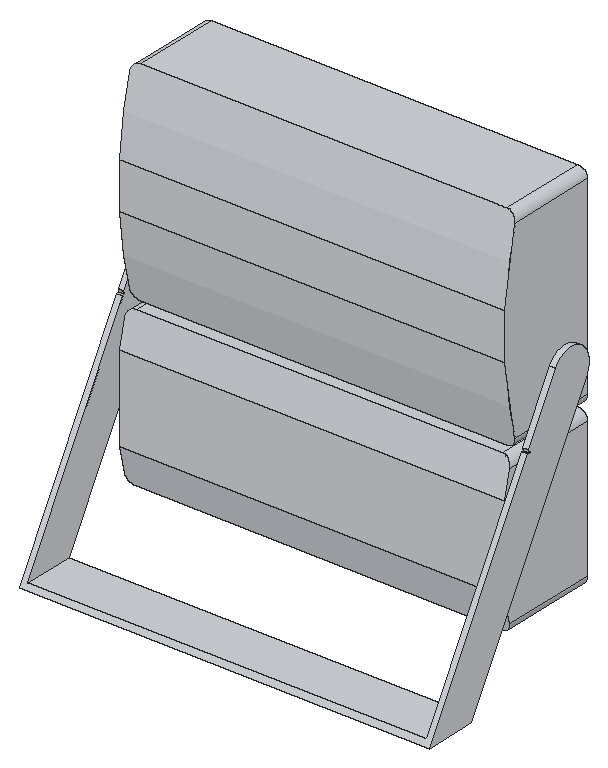
Revit family "Lighting-Proiezione-GEWISS-SMART[PRO]2.0-PROIETTORI-LED-MEDIA-POTENZA_2MODULI_DALI_CLI", category Apparecchi per illuminazione, host Superficie, Revit 2019 (continued)
Types (46, lengths in mm): name | Viti esterne | Versioni | Vano di alimentazione | Tolleranza cromatica | Tipologia sorgente luminosa | Tipologia | Tipo versione | Tipo di installazione e montaggio | Tipo di apparecchio | Tensione di alimentazione | Tensione | Temperatura di utilizzo | Temperatura di stoccaggio | Temperatura di esercizio | Temperatura di colore: | Temperatura di colore | Superficie massima esposta al vento : | Superficie massima esposta al vento | SostituibilitÃ  piastra di cablaggio | SostituibilitÃ  gruppo ottico | Sistema di controllo | Schermo | Scheda Tecnica | SEO | Resistenza alle sovratensioni : | Resistenza al filo incandescente | Regolazione inclinazione | Peso (kg): | Peso (kg) | Ottica | N° LED | Numero moduli | Norma di riferimento | N. moduli Chorus | Modello | Materiali | Lumen output (lm) | Life Time L90B10 (Tq 50Â°C) : | Life Time L90B10 (Tq 25Â°C) : | Life Time L80B10 (Tq 25Â°C) | Lampada: | Installazione e manutenzione | Informazioni generali | Indice di resa cromatica | Inclinazione | Immagine tipo | IPEA | IDT | Guarnizioni | Gruppo ottico | Gancio di chiusura | GW - Codice Electrocod | Frequenza nominale (Hz) | Flusso nominale | Fissaggio | Finitura colore | Efficienza luminosa (lm/W) | Durata di vita | Distanza minima dall'oggetto illuminato | Dispositivo di protezione | Descrizione | Corrente di pilotaggio LED | Corpo | Controllo abbagliamento e luminanza | Contesto | Colore | Codice digitale univoco (Datamatrix) | Classificazione: | Classe fotobiologica | Certificazioni e classificazioni | Certificazione DIN 18032-3 | Catalogo Serie | Caratteristiche ottiche e illuminotecniche | Caratteristiche elettriche e gestione della luce | Cablaggio | Apparecchio a ridotta temperatura superficiale | Alimentatore
  GWP2273LD - SMART PRO 2M CRI70 3000K TYPE C2 DALI | "" | "" | "" | "" | "" | "" | "Luce calda 3000K" | "" | "" | "" | "" | "" | "" | "" | "" | "3000 K (CRI 70)" | "" | "0,43" | "" | "" | "" | "" | "https://www.gewiss.com/it/it/search?q=GWP2273LD" | "" | "" | "" | "-180° ÷ + 180° staffa" | "" | "13" | "Circolare C2" | "160" | "" | "" | "2 (2x80 LED)" | "GWP2273LD" | "" | "35261" | "" | "" | "" | "" | "" | "" | "" | "" | GWP2273LD.jpg | "" | "a7043113-6630-4267-bbdd-aeb4b362176b" | "" | "" | "" | "" | "" | "44800" | "" | "" | "" | "" | "" | "" | "SMART PRO 2M 3000K CRI70 TYPE C2 DALI" | "" | "" | "" | "" | "" | "" | "" | "" | "" | "" | "SMART[PRO]2.0" | "" | "" | "" | "" | ""
  GWP2273MD - SMART PRO 2M CRI70 3000K TYPE C1 DALI | "" | "" | "" | "" | "" | "" | "Luce calda 3000K" | "" | "" | "" | "" | "" | "" | "" | "" | "3000 K (CRI 70)" | "" | "0,43" | "" | "" | "" | "" | "https://www.gewiss.com/it/it/search?q=GWP2273MD" | "" | "" | "" | "-180° ÷ + 180° staffa" | "" | "13" | "Circolare C1" | "160" | "" | "" | "2 (2x80 LED)" | "GWP2273MD" | "" | "35261" | "" | "" | "" | "" | "" | "" | "" | "" | GWP2273MD.jpg | "" | "2666d7c5-0d9d-4bb2-a504-1173eb1e3d31" | "" | "" | "" | "" | "" | "44800" | "" | "" | "" | "" | "" | "" | "SMART PRO 2M 3000K CRI70 TYPE C1 DALI" | "" | "" | "" | "" | "" | "" | "" | "" | "" | "" | "SMART[PRO]2.0" | "" | "" | "" | "" | ""
  GWP2274AD - SMART PRO 2M CRI70 4000K TYPE S1 DALI | "" | "" | "" | "" | "" | "" | "Luce naturale 4000K" | "" | "" | "" | "" | "" | "" | "" | "" | "4000 K (CRI 70)" | "" | "0,43" | "" | "" | "" | "" | "https://www.gewiss.com/it/it/search?q=GWP2274AD" | "" | "" | "" | "-180° ÷ + 180° staffa" | "" | "13" | "Simmetrica S1" | "160" | "" | "" | "2 (2x80 LED)" | "GWP2274AD" | "" | "37420" | "" | "" | "" | "" | "" | "" | "" | "" | GWP2274AD.jpg | "" | "ff540907-a2dd-4753-af51-28166bcacd5d" | "" | "" | "" | "" | "" | "48000" | "" | "" | "" | "" | "" | "" | "SMART PRO 2M 4000K CRI70 TYPE S1 DALI" | "" | "" | "" | "" | "" | "" | "" | "" | "" | "" | "SMART[PRO]2.0" | "" | "" | "" | "" | ""
  GWP2274BD - SMART PRO 2M CRI70 4000K TYPE S2 DALI | "" | "" | "" | "" | "" | "" | "Luce naturale 4000K" | "" | "" | "" | "" | "" | "" | "" | "" | "4000 K (CRI 70)" | "" | "0,43" | "" | "" | "" | "" | "https://www.gewiss.com/it/it/search?q=GWP2274BD" | "" | "" | "" | "-180° ÷ + 180° staffa" | "" | "13" | "Simmetrica S2" | "160" | "" | "" | "2 (2x80 LED)" | "GWP2274BD" | "" | "39790" | "" | "" | "" | "" | "" | "" | "" | "" | GWP2274BD.jpg | "" | "b9f8befa-2633-41f3-ad41-4462299d6a5b" | "" | "" | "" | "" | "" | "48000" | "" | "" | "" | "" | "" | "" | "SMART PRO 2M 4000K CRI70 TYPE S2 DALI" | "" | "" | "" | "" | "" | "" | "" | "" | "" | "" | "SMART[PRO]2.0" | "" | "" | "" | "" | ""
  GWP2274CD - SMART PRO 2M CRI70 4000K TYPE A1 DALI | "" | "" | "" | "" | "" | "" | "Luce naturale 4000K" | "" | "" | "" | "" | "" | "" | "" | "" | "4000 K (CRI 70)" | "" | "0,43" | "" | "" | "" | "" | "https://www.gewiss.com/it/it/search?q=GWP2274CD" | "" | "" | "" | "-180° ÷ + 180° staffa" | "" | "13" | "Asimmetrica A1" | "160" | "" | "" | "2 (2x80 LED)" | "GWP2274CD" | "" | "36580" | "" | "" | "" | "" | "" | "" | "" | "" | GWP2273CD.jpg | "" | "c5749d56-95e3-49a9-b4ce-4110e7aa8a9e" | "" | "" | "" | "" | "" | "48000" | "" | "" | "" | "" | "" | "" | "SMART PRO 2M 4000K CRI70 TYPE A1 DALI" | "" | "" | "" | "" | "" | "" | "" | "" | "" | "" | "SMART[PRO]2.0" | "" | "" | "" | "" | ""
  GWP2274FD - SMART PRO 2M CRI70 4000K TYPE A2 DALI | "" | "" | "" | "" | "" | "" | "Luce naturale 4000K" | "" | "" | "" | "" | "" | "" | "" | "" | "4000 K (CRI 70)" | "" | "0,43" | "" | "" | "" | "" | "https://www.gewiss.com/it/it/search?q=GWP2274FD" | "" | "" | "" | "-180° ÷ + 180° staffa" | "" | "13" | "Asimmetrica A2" | "160" | "" | "" | "2 (2x80 LED)" | "GWP2274FD" | "" | "31260" | "" | "" | "" | "" | "" | "" | "" | "" | GWP2273FD.jpg | "" | "7c6c7aec-c074-4fa1-ae36-988da0e6e27f" | "" | "" | "" | "" | "" | "48000" | "" | "" | "" | "" | "" | "" | "SMART PRO 2M 4000K CRI70 TYPE A2 DALI" | "" | "" | "" | "" | "" | "" | "" | "" | "" | "" | "SMART[PRO]2.0" | "" | "" | "" | "" | ""
  GWP2274GD - SMART PRO 2M CRI70 4000K TYPE C4 DALI | "" | "" | "" | "" | "" | "" | "Luce naturale 4000K" | "" | "" | "" | "" | "" | "" | "" | "" | "4000 K (CRI 70)" | "" | "0,43" | "" | "" | "" | "" | "https://www.gewiss.com/it/it/search?q=GWP2274GD" | "" | "" | "" | "-180° ÷ + 180° staffa" | "" | "13" | "Circolare C4" | "160" | "" | "" | "2 (2x80 LED)" | "GWP2274GD" | "" | "37780" | "" | "" | "" | "" | "" | "" | "" | "" | GWP2273GD.jpg | "" | "69317726-159b-4d06-a586-7281c5675b25" | "" | "" | "" | "" | "" | "48000" | "" | "" | "" | "" | "" | "" | "SMART PRO 2M 4000K CRI70 TYPE C4 DALI" | "" | "" | "" | "" | "" | "" | "" | "" | "" | "" | "SMART[PRO]2.0" | "" | "" | "" | "" | ""
  GWP2274HD - SMART PRO 2M CRI70 4000K TYPE C3 DALI | "" | "" | "" | "" | "" | "" | "Luce naturale 4000K" | "" | "" | "" | "" | "" | "" | "" | "" | "4000 K (CRI 70)" | "" | "0,43" | "" | "" | "" | "" | "https://www.gewiss.com/it/it/search?q=GWP2274HD" | "" | "" | "" | "-180° ÷ + 180° staffa" | "" | "13" | "Circolare C3" | "160" | "" | "" | "2 (2x80 LED)" | "GWP2274HD" | "" | "37780" | "" | "" | "" | "" | "" | "" | "" | "" | GWP2273HD.jpg | "" | "6dd558e9-72b1-486c-8f94-259d6481d4a0" | "" | "" | "" | "" | "" | "48000" | "" | "" | "" | "" | "" | "" | "SMART PRO 2M 4000K CRI70 TYPE C3 DALI" | "" | "" | "" | "" | "" | "" | "" | "" | "" | "" | "SMART[PRO]2.0" | "" | "" | "" | "" | ""
  GWP2274LD - SMART PRO 2M CRI70 4000K TYPE C2 DALI | "" | "" | "" | "" | "" | "" | "Luce naturale 4000K" | "" | "" | "" | "" | "" | "" | "" | "" | "4000 K (CRI 70)" | "" | "0,43" | "" | "" | "" | "" | "https://www.gewiss.com/it/it/search?q=GWP2274LD" | "" | "" | "" | "-180° ÷ + 180° staffa" | "" | "13" | "Circolare C2" | "160" | "" | "" | "2 (2x80 LED)" | "GWP2274LD" | "" | "37780" | "" | "" | "" | "" | "" | "" | "" | "" | GWP2273LD.jpg | "" | "9547177a-4666-45c9-b948-dce2b7eda314" | "" | "" | "" | "" | "" | "48000" | "" | "" | "" | "" | "" | "" | "SMART PRO 2M 4000K CRI70 TYPE C2 DALI" | "" | "" | "" | "" | "" | "" | "" | "" | "" | "" | "SMART[PRO]2.0" | "" | "" | "" | "" | ""
  GWP2274MD - SMART PRO 2M CRI70 4000K TYPE C1 DALI | "" | "" | "" | "" | "" | "" | "Luce naturale 4000K" | "" | "" | "" | "" | "" | "" | "" | "" | "4000 K (CRI 70)" | "" | "0,43" | "" | "" | "" | "" | "https://www.gewiss.com/it/it/search?q=GWP2274MD" | "" | "" | "" | "-180° ÷ + 180° staffa" | "" | "13" | "Circolare C1" | "160" | "" | "" | "2 (2x80 LED)" | "GWP2274MD" | "" | "37780" | "" | "" | "" | "" | "" | "" | "" | "" | GWP2273MD.jpg | "" | "64c531ba-3f04-41fd-bf93-a4c7d3b6fc11" | "" | "" | "" | "" | "" | "48000" | "" | "" | "" | "" | "" | "" | "SMART PRO 2M 4000K CRI70 TYPE C1 DALI" | "" | "" | "" | "" | "" | "" | "" | "" | "" | "" | "SMART[PRO]2.0" | "" | "" | "" | "" | ""
  GWP2275AD - SMART PRO 2M CRI70 5700K TYPE S1 DALI | "" | "" | "" | "" | "" | "" | "Luce fredda 5700K" | "" | "" | "" | "" | "" | "" | "" | "" | "5700 K (CRI 70)" | "" | "0,43" | "" | "" | "" | "" | "https://www.gewiss.com/it/it/search?q=GWP2275AD" | "" | "" | "" | "-180° ÷ + 180° staffa" | "" | "13" | "Simmetrica S1" | "160" | "" | "" | "2 (2x80 LED)" | "GWP2275AD" | "" | "37420" | "" | "" | "" | "" | "" | "" | "" | "" | GWP2274AD.jpg | "" | "e61f65a6-0f4d-41b1-bf05-cb86c9ef33b7" | "" | "" | "" | "" | "" | "48000" | "" | "" | "" | "" | "" | "" | "SMART PRO 2M 5700K CRI70 TYPE S1 DALI" | "" | "" | "" | "" | "" | "" | "" | "" | "" | "" | "SMART[PRO]2.0" | "" | "" | "" | "" | ""
  GWP2275BD - SMART PRO 2M CRI70 5700K TYPE S2 DALI | "" | "" | "" | "" | "" | "" | "Luce fredda 5700K" | "" | "" | "" | "" | "" | "" | "" | "" | "5700 K (CRI 70)" | "" | "0,43" | "" | "" | "" | "" | "https://www.gewiss.com/it/it/search?q=GWP2275BD" | "" | "" | "" | "-180° ÷ + 180° staffa" | "" | "13" | "Simmetrica S2" | "160" | "" | "" | "2 (2x80 LED)" | "GWP2275BD" | "" | "39790" | "" | "" | "" | "" | "" | "" | "" | "" | GWP2275BD.jpg | "" | "8ddde59a-2170-4af8-acbb-43d79e1764f2" | "" | "" | "" | "" | "" | "48000" | "" | "" | "" | "" | "" | "" | "SMART PRO 2M 5700K CRI70 TYPE S2 DALI" | "" | "" | "" | "" | "" | "" | "" | "" | "" | "" | "SMART[PRO]2.0" | "" | "" | "" | "" | ""
  GWP2275CD - SMART PRO 2M CRI70 5700K TYPE A1 DALI | "" | "" | "" | "" | "" | "" | "Luce fredda 5700K" | "" | "" | "" | "" | "" | "" | "" | "" | "5700 K (CRI 70)" | "" | "0,43" | "" | "" | "" | "" | "https://www.gewiss.com/it/it/search?q=GWP2275CD" | "" | "" | "" | "-180° ÷ + 180° staffa" | "" | "13" | "Asimmetrica A1" | "160" | "" | "" | "2 (2x80 LED)" | "GWP2275CD" | "" | "36580" | "" | "" | "" | "" | "" | "" | "" | "" | GWP2275CD.jpg | "" | "6517d96b-2a0c-4899-a500-7459fa120c96" | "" | "" | "" | "" | "" | "48000" | "" | "" | "" | "" | "" | "" | "SMART PRO 2M 5700K CRI70 TYPE A1 DALI" | "" | "" | "" | "" | "" | "" | "" | "" | "" | "" | "SMART[PRO]2.0" | "" | "" | "" | "" | ""
  GWP2275FD - SMART PRO 2M CRI70 5700K TYPE A2 DALI | "" | "" | "" | "" | "" | "" | "Luce fredda 5700K" | "" | "" | "" | "" | "" | "" | "" | "" | "5700 K (CRI 70)" | "" | "0,43" | "" | "" | "" | "" | "https://www.gewiss.com/it/it/search?q=GWP2275FD" | "" | "" | "" | "-180° ÷ + 180° staffa" | "" | "13" | "Asimmetrica A2" | "160" | "" | "" | "2 (2x80 LED)" | "GWP2275FD" | "" | "31260" | "" | "" | "" | "" | "" | "" | "" | "" | GWP2275FD.jpg | "" | "8ea97ab9-ca8a-4bf4-b5b0-49cf49f4136a" | "" | "" | "" | "" | "" | "48000" | "" | "" | "" | "" | "" | "" | "SMART PRO 2M 5700K CRI70 TYPE A2 DALI" | "" | "" | "" | "" | "" | "" | "" | "" | "" | "" | "SMART[PRO]2.0" | "" | "" | "" | "" | ""
  GWP2275GD - SMART PRO 2M CRI70 5700K TYPE C4 DALI | "" | "" | "" | "" | "" | "" | "Luce fredda 5700K" | "" | "" | "" | "" | "" | "" | "" | "" | "5700 K (CRI 70)" | "" | "0,43" | "" | "" | "" | "" | "https://www.gewiss.com/it/it/search?q=GWP2275GD" | "" | "" | "" | "-180° ÷ + 180° staffa" | "" | "13" | "Circolare C4" | "160" | "" | "" | "2 (2x80 LED)" | "GWP2275GD" | "" | "37780" | "" | "" | "" | "" | "" | "" | "" | "" | GWP2275GD.jpg | "" | "07492fd1-8aad-427e-b69d-2342760349e7" | "" | "" | "" | "" | "" | "48000" | "" | "" | "" | "" | "" | "" | "SMART PRO 2M 5700K CRI70 TYPE C4 DALI" | "" | "" | "" | "" | "" | "" | "" | "" | "" | "" | "SMART[PRO]2.0" | "" | "" | "" | "" | ""
  GWP2275HD - SMART PRO 2M CRI70 5700K TYPE C3 DALI | "" | "" | "" | "" | "" | "" | "Luce fredda 5700K" | "" | "" | "" | "" | "" | "" | "" | "" | "5700 K (CRI 70)" | "" | "0,43" | "" | "" | "" | "" | "https://www.gewiss.com/it/it/search?q=GWP2275HD" | "" | "" | "" | "-180° ÷ + 180° staffa" | "" | "13" | "Circolare C3" | "160" | "" | "" | "2 (2x80 LED)" | "GWP2275HD" | "" | "37780" | "" | "" | "" | "" | "" | "" | "" | "" | GWP2275HD.jpg | "" | "4bcba999-6b6a-494d-8205-1951717b6fc6" | "" | "" | "" | "" | "" | "48000" | "" | "" | "" | "" | "" | "" | "SMART PRO 2M 5700K CRI70 TYPE C3 DALI" | "" | "" | "" | "" | "" | "" | "" | "" | "" | "" | "SMART[PRO]2.0" | "" | "" | "" | "" | ""
  GWP2275LD - SMART PRO 2M CRI70 5700K TYPE C2 DALI | "" | "" | "" | "" | "" | "" | "Luce fredda 5700K" | "" | "" | "" | "" | "" | "" | "" | "" | "5700 K (CRI 70)" | "" | "0,43" | "" | "" | "" | "" | "https://www.gewiss.com/it/it/search?q=GWP2275LD" | "" | "" | "" | "-180° ÷ + 180° staffa" | "" | "13" | "Circolare C2" | "160" | "" | "" | "2 (2x80 LED)" | "GWP2275LD" | "" | "37780" | "" | "" | "" | "" | "" | "" | "" | "" | GWP2275LD.jpg | "" | "71f21621-1d58-484f-8bbc-0107acbefb8d" | "" | "" | "" | "" | "" | "48000" | "" | "" | "" | "" | "" | "" | "SMART PRO 2M 5700K CRI70 TYPE C2 DALI" | "" | "" | "" | "" | "" | "" | "" | "" | "" | "" | "SMART[PRO]2.0" | "" | "" | "" | "" | ""
  GWP2275MD - SMART PRO 2M CRI70 5700K TYPE C1 DALI | "" | "" | "" | "" | "" | "" | "Luce fredda 5700K" | "" | "" | "" | "" | "" | "" | "" | "" | "5700 K (CRI 70)" | "" | "0,43" | "" | "" | "" | "" | "https://www.gewiss.com/it/it/search?q=GWP2275MD" | "" | "" | "" | "-180° ÷ + 180° staffa" | "" | "13" | "Circolare C1" | "160" | "" | "" | "2 (2x80 LED)" | "GWP2275MD" | "" | "37780" | "" | "" | "" | "" | "" | "" | "" | "" | GWP2275MD.jpg | "" | "6a8ce23c-7f96-42c1-9277-acd10037eb9c" | "" | "" | "" | "" | "" | "48000" | "" | "" | "" | "" | "" | "" | "SMART PRO 2M 5700K CRI70 TYPE C1 DALI" | "" | "" | "" | "" | "" | "" | "" | "" | "" | "" | "SMART[PRO]2.0" | "" | "" | "" | "" | ""
  GWP2273ND - SMARTPRO2.0 2M 3000K CRI70 A3 DALI CL1 | "Acciaio inossidabile" | "Luce calda 3000K" | "Integrato" | "SDCM = 5" | "LED - Non sostituibile" | "DALI" | "" | "Torrefaro - Parete - Terra" | "Apparecchio per proiezione LED di piccola, media e alta potenza" | "220 - 240 V" | "220 / 240 V - 50 / 60 Hz" | "-30 +50 °C" | "-" | "-30 +50 °C" | "3000 K (CRI>70)" | "3000K" | "0,170 m2" | "0,17M2" | "Non disponibile" | "Non disponibile" | "DALI" | "Vetro piano extrachiaro spessore 4mm" | "https://www.gewiss.com/it/it/search?q=GWP2273ND" | "Proiettore" | "10KV in modalità comune; 6KV in modalità differenziale" | "-" | "-180° ÷ + 180° staffa" | "13" | "" | "A3 - Asimmetrica Stretta" | "" | "2" | "EN60598-1; EN60598-2-5; IEC 62778; IEC 62471; EN13201" | "" | "GWP2273ND" | "-" | "37200" | "32000 H" | ">40000 H" | ">90000 H" | "LED" | "-" | "-" | "CRI-70" | "Rotazione su staffa con goniometro integrato" | GWP2273MD.jpg | "STRADALE = A // GRANDI AREE = A3+ // CICLOPEDONALI = A+ // AREE VERDI = A+ // CENTRO STORICO = A5+ // ALTRO = A5+" | "c834611c70ff45a3955c3a0eeb023012" | "silicone antinvecchiamento" | "Parabola in alluminio anodizzato brillantato con alluminio puro 99,99%" | "Viti metriche esagonali" | "2424" | "50 / 60" | "45000" | "Staffa" | "Verniciato a polvere poliestere" | "113" | "L90B10 (Tq+25°C) - 40000h L90B10 (Tq+50°C) = 32000h L80B10 (Tq+25°C) - 90000h" | "1M" | "DM 6 kV / CM 10 kV" | "SMARTPRO2.0 2M 3000K CRI70 A3 DALI CL1" | "0,7 A" | "Alluminio pressofuso" | "G*6 - ULOR = 0" | "Illuminazione di grandi aree, impianti sportivi" | "Grigio grafite" | "Attualmente non presente" | "-" | "-" | "-" | "Si" | "SMART [PRO] 2.0" | "-" | "-" | "Connettore stagno" | "No" | "Incluso"
  GWP2274ND - SMARTPRO2.0 2M 4000K CRI70 A3 DALI CL1 | "Acciaio inossidabile" | "Luce naturale 4000K" | "Integrato" | "SDCM = 5" | "LED - Non sostituibile" | "DALI" | "" | "Torrefaro - Parete - Terra" | "Apparecchio per proiezione LED di piccola, media e alta potenza" | "220 - 240 V" | "220 / 240 V - 50 / 60 Hz" | "-30 +50 °C" | "-" | "-30 +50 °C" | "4000 K (CRI>70)" | "4000K" | "0,170 m2" | "0,17M2" | "Non disponibile" | "Non disponibile" | "DALI" | "Vetro piano extrachiaro spessore 4mm" | "https://www.gewiss.com/it/it/search?q=GWP2274ND" | "Proiettore" | "10KV in modalità comune; 6KV in modalità differenziale" | "-" | "-180° ÷ + 180° staffa" | "13" | "" | "A3 - Asimmetrica Stretta" | "" | "2" | "EN60598-1; EN60598-2-5; IEC 62778; IEC 62471; EN13201" | "" | "GWP2274ND" | "-" | "39800" | "32000 H" | ">40000 H" | ">90000 H" | "LED" | "-" | "-" | "CRI-70" | "Rotazione su staffa con goniometro integrato" | GWP2273MD.jpg | "STRADALE = A+ // GRANDI AREE = A4+ // CICLOPEDONALI = A++ // AREE VERDI = A++ // CENTRO STORICO = A6+ // ALTRO = A6+" | "0fe9b7c62e71410cb07551468977a909" | "silicone antinvecchiamento" | "Parabola in alluminio anodizzato brillantato con alluminio puro 99,99%" | "Viti metriche esagonali" | "2424" | "50 / 60" | "48000" | "Staffa" | "Verniciato a polvere poliestere" | "121" | "L90B10 (Tq+25°C) - 40000h L90B10 (Tq+50°C) = 32000h L80B10 (Tq+25°C) - 90000h" | "1M" | "DM 6 kV / CM 10 kV" | "SMARTPRO2.0 2M 4000K CRI70 A3 DALI CL1" | "0,7 A" | "Alluminio pressofuso" | "G*6 - ULOR = 0" | "Illuminazione di grandi aree, impianti sportivi" | "Grigio grafite" | "Attualmente non presente" | "-" | "-" | "-" | "Si" | "SMART [PRO] 2.0" | "-" | "-" | "Connettore stagno" | "No" | "Incluso"
  GWP2275ND - SMARTPRO2.0 2M 5700K CRI70 A3 DALI CL1 | "Acciaio inossidabile" | "Luce fredda 5700K" | "Integrato" | "SDCM = 5" | "LED - Non sostituibile" | "DALI" | "" | "Torrefaro - Parete - Terra" | "Apparecchio per proiezione LED di piccola, media e alta potenza" | "220 - 240 V" | "220 / 240 V - 50 / 60 Hz" | "-30 +50 °C" | "-" | "-30 +50 °C" | "5700 K (CRI>70)" | "5700K" | "0,170 m2" | "0,17M2" | "Non disponibile" | "Non disponibile" | "DALI" | "Vetro piano extrachiaro spessore 4mm" | "https://www.gewiss.com/it/it/search?q=GWP2275ND" | "Proiettore" | "10KV in modalità comune; 6KV in modalità differenziale" | "-" | "-180° ÷ + 180° staffa" | "13" | "" | "A3 - Asimmetrica Stretta" | "" | "2" | "EN60598-1; EN60598-2-5; IEC 62778; IEC 62471; EN13201" | "" | "GWP2275ND" | "-" | "39800" | "32000 H" | ">40000 H" | ">90000 H" | "LED" | "-" | "-" | "CRI-70" | "Rotazione su staffa con goniometro integrato" | GWP2275MD.jpg | "STRADALE = A+ // GRANDI AREE = A4+ // CICLOPEDONALI = A++ // AREE VERDI = A++ // CENTRO STORICO = A6+ // ALTRO = A6+" | "39466568aec746b984944cba2e7a3d9c" | "silicone antinvecchiamento" | "Parabola in alluminio anodizzato brillantato con alluminio puro 99,99%" | "Viti metriche esagonali" | "2424" | "50 / 60" | "48000" | "Staffa" | "Verniciato a polvere poliestere" | "121" | "L90B10 (Tq+25°C) - 40000h L90B10 (Tq+50°C) = 32000h L80B10 (Tq+25°C) - 90000h" | "1M" | "DM 6 kV / CM 10 kV" | "SMARTPRO2.0 2M 5700K CRI70 A3 DALI CL1" | "0,7 A" | "Alluminio pressofuso" | "G*6 - ULOR = 0" | "Illuminazione di grandi aree, impianti sportivi" | "Grigio grafite" | "Attualmente non presente" | "-" | "-" | "-" | "Si" | "SMART [PRO] 2.0" | "-" | "-" | "Connettore stagno" | "No" | "Incluso"
  GWP2284AD - SMART PRO 2M 4000K CRI80 TYPE S1 DALI | "Acciaio inossidabile" | "Luce naturale 4000K" | "Integrato" | "SDCM = 3" | "LED - Non sostituibile" | "DALI" | "" | "Torrefaro - Parete - Terra" | "Apparecchio per proiezione LED di piccola, media e alta potenza" | "220 - 240 V" | "220 / 240 V - 50 / 60 Hz" | "-30 +50 °C" | "-" | "-30 +50 °C" | "4000 K (CRI>80)" | "4000K" | "0,170 m2" | "0,17M2" | "Non disponibile" | "Non disponibile" | "DALI" | "Vetro piano extrachiaro spessore 4mm" | "https://www.gewiss.com/it/it/search?q=GWP2284AD" | "Proiettore" | "10KV in modalità comune; 6KV in modalità differenziale" | "-" | "-180° ÷ + 180° staffa" | "13" | "" | "S1 - Simmetrica Larga" | "" | "2" | "EN60598-1; EN60598-2-5; IEC 62778; IEC 62471; EN13201" | "" | "GWP2284AD" | "-" | "36600" | "32000 H" | ">40000 H" | ">90000 H" | "LED" | "-" | "-" | "CRI-80" | "Rotazione su staffa con goniometro integrato" | GWP2274AD.jpg | "STRADALE = A // GRANDI AREE = A++ // CICLOPEDONALI = A+ // AREE VERDI = A+ // CENTRO STORICO = A4+ // ALTRO = A4+" | "f8fff1a3868e4d4e8f2e0b85fdf6d708" | "silicone antinvecchiamento" | "Riflettore in PC HT quarzato&nbsp; e metallizzato lucido" | "Viti metriche esagonali" | "2424" | "50 / 60" | "45000" | "Staffa" | "Verniciato a polvere poliestere" | "111" | "L90B10 (Tq+25°C) - 40000h L90B10 (Tq+50°C) = 32000h L80B10 (Tq+25°C) - 90000h" | "1M" | "DM 6 kV / CM 10 kV" | "SMART PRO 2M 4000K CRI80 TYPE S1 DALI" | "0,7 A" | "Alluminio pressofuso" | "G*6 - ULOR = 0" | "Illuminazione di grandi aree, impianti sportivi" | "Grigio grafite" | "Attualmente non presente" | "-" | "-" | "-" | "Si" | "SMART [PRO] 2.0" | "-" | "-" | "Connettore stagno" | "No" | "Incluso"
  GWP2284BD - SMART PRO 2M 4000K CRI80 TYPE S2 DALI | "Acciaio inossidabile" | "Luce naturale 4000K" | "Integrato" | "SDCM = 3" | "LED - Non sostituibile" | "DALI" | "" | "Torrefaro - Parete - Terra" | "Apparecchio per proiezione LED di piccola, media e alta potenza" | "220 - 240 V" | "220 / 240 V - 50 / 60 Hz" | "-30 +50 °C" | "-" | "-30 +50 °C" | "4000 K (CRI>80)" | "4000K" | "0,170 m2" | "0,17M2" | "Non disponibile" | "Non disponibile" | "DALI" | "Vetro piano extrachiaro spessore 4mm" | "https://www.gewiss.com/it/it/search?q=GWP2284BD" | "Proiettore" | "10KV in modalità comune; 6KV in modalità differenziale" | "-" | "-180° ÷ + 180° staffa" | "13" | "" | "S2 - Simmetrica Media" | "" | "2" | "EN60598-1; EN60598-2-5; IEC 62778; IEC 62471; EN13201" | "" | "GWP2284BD" | "-" | "37900" | "32000 H" | ">40000 H" | ">90000 H" | "LED" | "-" | "-" | "CRI-80" | "Rotazione su staffa con goniometro integrato" | GWP2274AD.jpg | "STRADALE = A // GRANDI AREE = A3+ // CICLOPEDONALI = A+ // AREE VERDI = A+ // CENTRO STORICO = A5+ // ALTRO = A5+" | "c97daa9462cb45f7b6356687cfd33c94" | "silicone antinvecchiamento" | "Parabola in alluminio anodizzato brillantato con alluminio puro 99,99%" | "Viti metriche esagonali" | "2424" | "50 / 60" | "45000" | "Staffa" | "Verniciato a polvere poliestere" | "115" | "L90B10 (Tq+25°C) - 40000h L90B10 (Tq+50°C) = 32000h L80B10 (Tq+25°C) - 90000h" | "1M" | "DM 6 kV / CM 10 kV" | "SMART PRO 2M 4000K CRI80 TYPE S2 DALI" | "0,7 A" | "Alluminio pressofuso" | "G*6 - ULOR = 0" | "Illuminazione di grandi aree, impianti sportivi" | "Grigio grafite" | "Attualmente non presente" | "-" | "-" | "-" | "Si" | "SMART [PRO] 2.0" | "-" | "-" | "Connettore stagno" | "No" | "Incluso"
  GWP2284CD - SMART PRO 2M 4000K CRI80 TYPE A1 DALI | "Acciaio inossidabile" | "Luce naturale 4000K" | "Integrato" | "SDCM = 3" | "LED - Non sostituibile" | "DALI" | "" | "Torrefaro - Parete - Terra" | "Apparecchio per proiezione LED di piccola, media e alta potenza" | "220 - 240 V" | "220 / 240 V - 50 / 60 Hz" | "-30 +50 °C" | "-" | "-30 +50 °C" | "4000 K (CRI>80)" | "4000K" | "0,170 m2" | "0,17M2" | "Non disponibile" | "Non disponibile" | "DALI" | "Vetro piano extrachiaro spessore 4mm" | "https://www.gewiss.com/it/it/search?q=GWP2284CD" | "Proiettore" | "10KV in modalità comune; 6KV in modalità differenziale" | "-" | "-180° ÷ + 180° staffa" | "13" | "" | "A1 - Asimmetrica Larga" | "" | "2" | "EN60598-1; EN60598-2-5; IEC 62778; IEC 62471; EN13201" | "" | "GWP2284CD" | "-" | "35600" | "32000 H" | ">40000 H" | ">90000 H" | "LED" | "-" | "-" | "CRI-80" | "Rotazione su staffa con goniometro integrato" | GWP2274AD.jpg | "STRADALE = B // GRANDI AREE = A++ // CICLOPEDONALI = A // AREE VERDI = A // CENTRO STORICO = A4+ // ALTRO = A4+" | "43780d9ab4fe4716841b79af17c3b35f" | "silicone antinvecchiamento" | "Riflettore in PC HT quarzato&nbsp; e metallizzato lucido" | "Viti metriche esagonali" | "2424" | "50 / 60" | "45000" | "Staffa" | "Verniciato a polvere poliestere" | "108" | "L90B10 (Tq+25°C) - 40000h L90B10 (Tq+50°C) = 32000h L80B10 (Tq+25°C) - 90000h" | "1M" | "DM 6 kV / CM 10 kV" | "SMART PRO 2M 4000K CRI80 TYPE A1 DALI" | "0,7 A" | "Alluminio pressofuso" | "G*4 - ULOR = 0" | "Illuminazione di grandi aree, impianti sportivi" | "Grigio grafite" | "Attualmente non presente" | "-" | "-" | "-" | "Si" | "SMART [PRO] 2.0" | "-" | "-" | "Connettore stagno" | "No" | "Incluso"
  GWP2284FD - SMART PRO 2M 4000K CRI80 TYPE A2 DALI | "Acciaio inossidabile" | "Luce naturale 4000K" | "Integrato" | "SDCM = 3" | "LED - Non sostituibile" | "DALI" | "" | "Torrefaro - Parete - Terra" | "Apparecchio per proiezione LED di piccola, media e alta potenza" | "220 - 240 V" | "220 / 240 V - 50 / 60 Hz" | "-30 +50 °C" | "-" | "-30 +50 °C" | "4000 K (CRI>80)" | "4000K" | "0,170 m2" | "0,17M2" | "Non disponibile" | "Non disponibile" | "DALI" | "Vetro piano extrachiaro spessore 4mm" | "https://www.gewiss.com/it/it/search?q=GWP2284FD" | "Proiettore" | "10KV in modalità comune; 6KV in modalità differenziale" | "-" | "-180° ÷ + 180° staffa" | "13" | "" | "A2 - Asimmetrica Media" | "" | "2" | "EN60598-1; EN60598-2-5; IEC 62778; IEC 62471; EN13201" | "" | "GWP2284FD" | "-" | "30600" | "32000 H" | ">40000 H" | ">90000 H" | "LED" | "-" | "-" | "CRI-80" | "Rotazione su staffa con goniometro integrato" | GWP2274AD.jpg | "STRADALE = C // GRANDI AREE = A // CICLOPEDONALI = B // AREE VERDI = B // CENTRO STORICO = A++ // ALTRO = A++" | "2c3a6a4f1c8049e4b6a8e55ee99b743d" | "silicone antinvecchiamento" | "Parabola in alluminio anodizzato brillantato con alluminio puro 99,99%" | "Viti metriche esagonali" | "2424" | "50 / 60" | "45000" | "Staffa" | "Verniciato a polvere poliestere" | "93" | "L90B10 (Tq+25°C) - 40000h L90B10 (Tq+50°C) = 32000h L80B10 (Tq+25°C) - 90000h" | "1M" | "DM 6 kV / CM 10 kV" | "SMART PRO 2M 4000K CRI80 TYPE A2 DALI" | "0,7 A" | "Alluminio pressofuso" | "G*3 - ULOR = 0" | "Illuminazione di grandi aree, impianti sportivi" | "Grigio grafite" | "Attualmente non presente" | "-" | "-" | "-" | "Si" | "SMART [PRO] 2.0" | "-" | "-" | "Connettore stagno" | "No" | "Incluso"
  GWP2284GD - SMART PRO 2M 4000K CRI80 TYPE C4 DALI | "Acciaio inossidabile" | "Luce naturale 4000K" | "Integrato" | "SDCM = 3" | "LED - Non sostituibile" | "DALI" | "" | "Torrefaro - Parete - Terra" | "Apparecchio per proiezione LED di piccola, media e alta potenza" | "220 - 240 V" | "220 / 240 V - 50 / 60 Hz" | "-30 +50 °C" | "-" | "-30 +50 °C" | "4000 K (CRI>80)" | "4000K" | "0,170 m2" | "0,17M2" | "Non disponibile" | "Non disponibile" | "DALI" | "Vetro piano extrachiaro spessore 4mm" | "https://www.gewiss.com/it/it/search?q=GWP2284GD" | "Proiettore" | "10KV in modalità comune; 6KV in modalità differenziale" | "-" | "-180° ÷ + 180° staffa" | "13" | "" | "C4 - Circolare 15°" | "" | "2" | "EN60598-1; EN60598-2-5; IEC 62778; IEC 62471; EN13201" | "" | "GWP2284GD" | "-" | "38200" | "32000 H" | ">40000 H" | ">90000 H" | "LED" | "-" | "-" | "CRI-80" | "Rotazione su staffa con goniometro integrato" | GWP2274AD.jpg | "STRADALE = A // GRANDI AREE = A3+ // CICLOPEDONALI = A+ // AREE VERDI = A+ // CENTRO STORICO = A5+ // ALTRO = A5+" | "3d295eeae60e4b8d82be940b730d28d9" | "silicone antinvecchiamento" | "Riflettore in PC HT quarzato&nbsp; e metallizzato lucido" | "Viti metriche esagonali" | "2424" | "50 / 60" | "45000" | "Staffa" | "Verniciato a polvere poliestere" | "116" | "L90B10 (Tq+25°C) - 40000h L90B10 (Tq+50°C) = 32000h L80B10 (Tq+25°C) - 90000h" | "1M" | "DM 6 kV / CM 10 kV" | "SMART PRO 2M 4000K CRI80 TYPE C4 DALI" | "0,7 A" | "Alluminio pressofuso" | "G*6 - ULOR = 0" | "Illuminazione di grandi aree, impianti sportivi" | "Grigio grafite" | "Attualmente non presente" | "-" | "-" | "-" | "Si" | "SMART [PRO] 2.0" | "-" | "-" | "Connettore stagno" | "No" | "Incluso"
  GWP2284HD - SMART PRO 2M 4000K CRI80 TYPE C3 DALI | "Acciaio inossidabile" | "Luce naturale 4000K" | "Integrato" | "SDCM = 3" | "LED - Non sostituibile" | "DALI" | "" | "Torrefaro - Parete - Terra" | "Apparecchio per proiezione LED di piccola, media e alta potenza" | "220 - 240 V" | "220 / 240 V - 50 / 60 Hz" | "-30 +50 °C" | "-" | "-30 +50 °C" | "4000 K (CRI>80)" | "4000K" | "0,170 m2" | "0,17M2" | "Non disponibile" | "Non disponibile" | "DALI" | "Vetro piano extrachiaro spessore 4mm" | "https://www.gewiss.com/it/it/search?q=GWP2284HD" | "Proiettore" | "10KV in modalità comune; 6KV in modalità differenziale" | "-" | "-180° ÷ + 180° staffa" | "13" | "" | "C3 - Circolare 20°" | "" | "2" | "EN60598-1; EN60598-2-5; IEC 62778; IEC 62471; EN13201" | "" | "GWP2284HD" | "-" | "38200" | "32000 H" | ">40000 H" | ">90000 H" | "LED" | "-" | "-" | "CRI-80" | "Rotazione su staffa con goniometro integrato" | GWP2274AD.jpg | "STRADALE = A // GRANDI AREE = A3+ // CICLOPEDONALI = A+ // AREE VERDI = A+ // CENTRO STORICO = A5+ // ALTRO = A5+" | "07ce240b1c6049f0bb4549f95b9fca2f" | "silicone antinvecchiamento" | "Riflettore in PC HT quarzato&nbsp; e metallizzato lucido" | "Viti metriche esagonali" | "2424" | "50 / 60" | "45000" | "Staffa" | "Verniciato a polvere poliestere" | "116" | "L90B10 (Tq+25°C) - 40000h L90B10 (Tq+50°C) = 32000h L80B10 (Tq+25°C) - 90000h" | "1M" | "DM 6 kV / CM 10 kV" | "SMART PRO 2M 4000K CRI80 TYPE C3 DALI" | "0,7 A" | "Alluminio pressofuso" | "G*6 - ULOR = 0" | "Illuminazione di grandi aree, impianti sportivi" | "Grigio grafite" | "Attualmente non presente" | "-" | "-" | "-" | "Si" | "SMART [PRO] 2.0" | "-" | "-" | "Connettore stagno" | "No" | "Incluso"
  GWP2284LD - SMART PRO 2M 4000K CRI80 TYPE C2 DALI | "Acciaio inossidabile" | "Luce naturale 4000K" | "Integrato" | "SDCM = 3" | "LED - Non sostituibile" | "DALI" | "" | "Torrefaro - Parete - Terra" | "Apparecchio per proiezione LED di piccola, media e alta potenza" | "220 - 240 V" | "220 / 240 V - 50 / 60 Hz" | "-30 +50 °C" | "-" | "-30 +50 °C" | "4000 K (CRI>80)" | "4000K" | "0,170 m2" | "0,17M2" | "Non disponibile" | "Non disponibile" | "DALI" | "Vetro piano extrachiaro spessore 4mm" | "https://www.gewiss.com/it/it/search?q=GWP2284LD" | "Proiettore" | "10KV in modalità comune; 6KV in modalità differenziale" | "-" | "-180° ÷ + 180° staffa" | "13" | "" | "C2 - Circolare 25°" | "" | "2" | "EN60598-1; EN60598-2-5; IEC 62778; IEC 62471; EN13201" | "" | "GWP2284LD" | "-" | "37300" | "32000 H" | ">40000 H" | ">90000 H" | "LED" | "-" | "-" | "CRI-80" | "Rotazione su staffa con goniometro integrato" | GWP2274AD.jpg | "STRADALE = A // GRANDI AREE = A3+ // CICLOPEDONALI = A+ // AREE VERDI = A+ // CENTRO STORICO = A5+ // ALTRO = A5+" | "8c1360a2c96a483b8d57aab0f934d3b6" | "silicone antinvecchiamento" | "Riflettore in PC HT quarzato&nbsp; e metallizzato lucido" | "Viti metriche esagonali" | "2424" | "50 / 60" | "45000" | "Staffa" | "Verniciato a polvere poliestere" | "113" | "L90B10 (Tq+25°C) - 40000h L90B10 (Tq+50°C) = 32000h L80B10 (Tq+25°C) - 90000h" | "1M" | "DM 6 kV / CM 10 kV" | "SMART PRO 2M 4000K CRI80 TYPE C2 DALI" | "0,7 A" | "Alluminio pressofuso" | "G*6 - ULOR = 0" | "Illuminazione di grandi aree, impianti sportivi" | "Grigio grafite" | "Attualmente non presente" | "-" | "-" | "-" | "Si" | "SMART [PRO] 2.0" | "-" | "-" | "Connettore stagno" | "No" | "Incluso"
  GWP2284MD - SMART PRO 2M 4000K CRI80 TYPE C1 DALI | "Acciaio inossidabile" | "Luce naturale 4000K" | "Integrato" | "SDCM = 3" | "LED - Non sostituibile" | "DALI" | "" | "Torrefaro - Parete - Terra" | "Apparecchio per proiezione LED di piccola, media e alta potenza" | "220 - 240 V" | "220 / 240 V - 50 / 60 Hz" | "-30 +50 °C" | "-" | "-30 +50 °C" | "4000 K (CRI>80)" | "4000K" | "0,170 m2" | "0,17M2" | "Non disponibile" | "Non disponibile" | "DALI" | "Vetro piano extrachiaro spessore 4mm" | "https://www.gewiss.com/it/it/search?q=GWP2284MD" | "Proiettore" | "10KV in modalità comune; 6KV in modalità differenziale" | "-" | "-180° ÷ + 180° staffa" | "13" | "" | "C1 - Circolare 30°" | "" | "2" | "EN60598-1; EN60598-2-5; IEC 62778; IEC 62471; EN13201" | "" | "GWP2284MD" | "-" | "37300" | "32000 H" | ">40000 H" | ">90000 H" | "LED" | "-" | "-" | "CRI-80" | "Rotazione su staffa con goniometro integrato" | GWP2274AD.jpg | "STRADALE = A // GRANDI AREE = A3+ // CICLOPEDONALI = A+ // AREE VERDI = A+ // CENTRO STORICO = A5+ // ALTRO = A5+" | "62ac0a9a6ff34fe5bcf434605eeb5af3" | "silicone antinvecchiamento" | "Riflettore in PC HT quarzato&nbsp; e metallizzato lucido" | "Viti metriche esagonali" | "2424" | "50 / 60" | "45000" | "Staffa" | "Verniciato a polvere poliestere" | "113" | "L90B10 (Tq+25°C) - 40000h L90B10 (Tq+50°C) = 32000h L80B10 (Tq+25°C) - 90000h" | "1M" | "DM 6 kV / CM 10 kV" | "SMART PRO 2M 4000K CRI80 TYPE C1 DALI" | "0,7 A" | "Alluminio pressofuso" | "G*6 - ULOR = 0" | "Illuminazione di grandi aree, impianti sportivi" | "Grigio grafite" | "Attualmente non presente" | "-" | "-" | "-" | "Si" | "SMART [PRO] 2.0" | "-" | "-" | "Connettore stagno" | "No" | "Incluso"
  GWP2284ND - SMARTPRO2.0 2M 4000K CRI80 A3 DALI CL1 | "Acciaio inossidabile" | "Luce naturale 4000K" | "Integrato" | "SDCM = 3" | "LED - Non sostituibile" | "DALI" | "" | "Torrefaro - Parete - Terra" | "Apparecchio per proiezione LED di piccola, media e alta potenza" | "220 - 240 V" | "220 / 240 V - 50 / 60 Hz" | "-30 +50 °C" | "-" | "-30 +50 °C" | "4000 K (CRI>80)" | "4000K" | "0,170 m2" | "0,17M2" | "Non disponibile" | "Non disponibile" | "DALI" | "Vetro piano extrachiaro spessore 4mm" | "https://www.gewiss.com/it/it/search?q=GWP2284ND" | "Proiettore" | "10KV in modalità comune; 6KV in modalità differenziale" | "-" | "-180° ÷ + 180° staffa" | "13" | "" | "A3 - Asimmetrica Stretta" | "" | "2" | "EN60598-1; EN60598-2-5; IEC 62778; IEC 62471; EN13201" | "" | "GWP2284ND" | "-" | "37200" | "32000 H" | ">40000 H" | ">90000 H" | "LED" | "-" | "-" | "CRI-80" | "Rotazione su staffa con goniometro integrato" | GWP2274AD.jpg | "STRADALE = A // GRANDI AREE = A3+ // CICLOPEDONALI = A+ // AREE VERDI = A+ // CENTRO STORICO = A5+ // ALTRO = A5+" | "0e4ce321b9204d4b8f7eb7525c930ddc" | "silicone antinvecchiamento" | "Parabola in alluminio anodizzato brillantato con alluminio puro 99,99%" | "Viti metriche esagonali" | "2424" | "50 / 60" | "45000" | "Staffa" | "Verniciato a polvere poliestere" | "113" | "L90B10 (Tq+25°C) - 40000h L90B10 (Tq+50°C) = 32000h L80B10 (Tq+25°C) - 90000h" | "1M" | "DM 6 kV / CM 10 kV" | "SMARTPRO2.0 2M 4000K CRI80 A3 DALI CL1" | "0,7 A" | "Alluminio pressofuso" | "G*6 - ULOR = 0" | "Illuminazione di grandi aree, impianti sportivi" | "Grigio grafite" | "Attualmente non presente" | "-" | "-" | "-" | "Si" | "SMART [PRO] 2.0" | "-" | "-" | "Connettore stagno" | "No" | "Incluso"
  GWP2285AD - SMARTPRO2.0 2M 5700K CRI80 S1 DALI CL1 | "Acciaio inossidabile" | "Luce fredda 5700K" | "Integrato" | "SDCM = 3" | "LED - Non sostituibile" | "" | "" | "Torrefaro - Parete - Terra" | "Apparecchio per proiezione LED di piccola, media e alta potenza" | "220 - 240 V" | "" | "" | "-" | "-30 +50 °C" | "" | "5700K" | "0,170 m2" | "" | "Non disponibile" | "Non disponibile" | "DALI" | "Vetro piano extrachiaro spessore 4mm" | "https://www.gewiss.com/it/it/search?q=GWP2285AD" | "Proiettore" | "" | "-" | "" | "13" | "" | "S1 - Simmetrica Larga" | "" | "" | "EN60598-1; EN60598-2-5; IEC 62778; IEC 62471; EN13201" | "" | "GWP2285AD" | "-" | "36600" | "" | "" | "" | "" | "-" | "-" | "CRI-80" | "Rotazione su staffa con goniometro integrato" | GWP2274AD.jpg | "STRADALE = A // GRANDI AREE = A++ // CICLOPEDONALI = A+ // AREE VERDI = A+ // CENTRO STORICO = A4+ // ALTRO = A4+" | "175ba9fc9f4d45ffbcffa9cca63f3410" | "silicone antinvecchiamento" | "Riflettore in PC HT quarzato&nbsp; e metallizzato lucido" | "Viti metriche esagonali" | "2424" | "50 / 60" | "" | "Staffa" | "Verniciato a polvere poliestere" | "111" | "L90B10 (Tq+25°C) - 40000h L90B10 (Tq+50°C) = 32000h L80B10 (Tq+25°C) - 90000h" | "" | "DM 6 kV / CM 10 kV" | "SMARTPRO2.0 2M 5700K CRI80 S1 DALI CL1" | "" | "Alluminio pressofuso" | "G*6 - ULOR = 0" | "Illuminazione di grandi aree, impianti sportivi" | "Grigio grafite" | "Attualmente non presente" | "-" | "-" | "-" | "Si" | "" | "-" | "-" | "Connettore stagno" | "No" | "Incluso"
  GWP2285BD - SMARTPRO2.0 2M 5700K CRI80 S2 DALI CL1 | "Acciaio inossidabile" | "Luce fredda 5700K" | "Integrato" | "SDCM = 3" | "LED - Non sostituibile" | "" | "" | "Torrefaro - Parete - Terra" | "Apparecchio per proiezione LED di piccola, media e alta potenza" | "220 - 240 V" | "" | "" | "-" | "-30 +50 °C" | "" | "5700K" | "0,170 m2" | "" | "Non disponibile" | "Non disponibile" | "DALI" | "Vetro piano extrachiaro spessore 4mm" | "https://www.gewiss.com/it/it/search?q=GWP2285BD" | "Proiettore" | "" | "-" | "" | "13" | "" | "S2 - Simmetrica Media" | "" | "" | "EN60598-1; EN60598-2-5; IEC 62778; IEC 62471; EN13201" | "" | "GWP2285BD" | "-" | "37900" | "" | "" | "" | "" | "-" | "-" | "CRI-80" | "Rotazione su staffa con goniometro integrato" | GWP2274AD.jpg | "STRADALE = A // GRANDI AREE = A3+ // CICLOPEDONALI = A+ // AREE VERDI = A+ // CENTRO STORICO = A5+ // ALTRO = A5+" | "4c2e95b64d424d38acf6c83d1ad92acf" | "silicone antinvecchiamento" | "Parabola in alluminio anodizzato brillantato con alluminio puro 99,99%" | "Viti metriche esagonali" | "2424" | "50 / 60" | "" | "Staffa" | "Verniciato a polvere poliestere" | "115" | "L90B10 (Tq+25°C) - 40000h L90B10 (Tq+50°C) = 32000h L80B10 (Tq+25°C) - 90000h" | "" | "DM 6 kV / CM 10 kV" | "SMARTPRO2.0 2M 5700K CRI80 S2 DALI CL1" | "" | "Alluminio pressofuso" | "G*6 - ULOR = 0" | "Illuminazione di grandi aree, impianti sportivi" | "Grigio grafite" | "Attualmente non presente" | "-" | "-" | "-" | "Si" | "" | "-" | "-" | "Connettore stagno" | "No" | "Incluso"
  GWP2285CD - SMARTPRO2.0 2M 5700K CRI80 A1 DALI CL1 | "Acciaio inossidabile" | "Luce fredda 5700K" | "Integrato" | "SDCM = 3" | "LED - Non sostituibile" | "" | "" | "Torrefaro - Parete - Terra" | "Apparecchio per proiezione LED di piccola, media e alta potenza" | "220 - 240 V" | "" | "" | "-" | "-30 +50 °C" | "" | "5700K" | "0,170 m2" | "" | "Non disponibile" | "Non disponibile" | "DALI" | "Vetro piano extrachiaro spessore 4mm" | "https://www.gewiss.com/it/it/search?q=GWP2285CD" | "Proiettore" | "" | "-" | "" | "13" | "" | "A1 - Asimmetrica Larga" | "" | "" | "EN60598-1; EN60598-2-5; IEC 62778; IEC 62471; EN13201" | "" | "GWP2285CD" | "-" | "35600" | "" | "" | "" | "" | "-" | "-" | "CRI-80" | "Rotazione su staffa con goniometro integrato" | GWP2274AD.jpg | "STRADALE = B // GRANDI AREE = A++ // CICLOPEDONALI = A // AREE VERDI = A // CENTRO STORICO = A4+ // ALTRO = A4+" | "e83e66d9546e4d17984a11763c206188" | "silicone antinvecchiamento" | "Riflettore in PC HT quarzato&nbsp; e metallizzato lucido" | "Viti metriche esagonali" | "2424" | "50 / 60" | "" | "Staffa" | "Verniciato a polvere poliestere" | "108" | "L90B10 (Tq+25°C) - 40000h L90B10 (Tq+50°C) = 32000h L80B10 (Tq+25°C) - 90000h" | "" | "DM 6 kV / CM 10 kV" | "SMARTPRO2.0 2M 5700K CRI80 A1 DALI CL1" | "" | "Alluminio pressofuso" | "G*4 - ULOR = 0" | "Illuminazione di grandi aree, impianti sportivi" | "Grigio grafite" | "Attualmente non presente" | "-" | "-" | "-" | "Si" | "" | "-" | "-" | "Connettore stagno" | "No" | "Incluso"
  GWP2285FD - SMARTPRO2.0 2M 5700K CRI80 A2 DALI CL1 | "Acciaio inossidabile" | "Luce fredda 5700K" | "Integrato" | "SDCM = 3" | "LED - Non sostituibile" | "" | "" | "Torrefaro - Parete - Terra" | "Apparecchio per proiezione LED di piccola, media e alta potenza" | "220 - 240 V" | "" | "" | "-" | "-30 +50 °C" | "" | "5700K" | "0,170 m2" | "" | "Non disponibile" | "Non disponibile" | "DALI" | "Vetro piano extrachiaro spessore 4mm" | "https://www.gewiss.com/it/it/search?q=GWP2285FD" | "Proiettore" | "" | "-" | "" | "13" | "" | "A2 - Asimmetrica Media" | "" | "" | "EN60598-1; EN60598-2-5; IEC 62778; IEC 62471; EN13201" | "" | "GWP2285FD" | "-" | "30600" | "" | "" | "" | "" | "-" | "-" | "CRI-80" | "Rotazione su staffa con goniometro integrato" | GWP2274AD.jpg | "STRADALE = C // GRANDI AREE = A // CICLOPEDONALI = B // AREE VERDI = B // CENTRO STORICO = A++ // ALTRO = A++" | "b0f87254d9304069a333a92adaa315a1" | "silicone antinvecchiamento" | "Parabola in alluminio anodizzato brillantato con alluminio puro 99,99%" | "Viti metriche esagonali" | "2424" | "50 / 60" | "" | "Staffa" | "Verniciato a polvere poliestere" | "93" | "L90B10 (Tq+25°C) - 40000h L90B10 (Tq+50°C) = 32000h L80B10 (Tq+25°C) - 90000h" | "" | "DM 6 kV / CM 10 kV" | "SMARTPRO2.0 2M 5700K CRI80 A2 DALI CL1" | "" | "Alluminio pressofuso" | "G*3 - ULOR = 0" | "Illuminazione di grandi aree, impianti sportivi" | "Grigio grafite" | "Attualmente non presente" | "-" | "-" | "-" | "Si" | "" | "-" | "-" | "Connettore stagno" | "No" | "Incluso"
  GWP2285GD - SMARTPRO2.0 2M 5700K CRI80 C4 DALI CL1 | "Acciaio inossidabile" | "Luce fredda 5700K" | "Integrato" | "SDCM = 3" | "LED - Non sostituibile" | "" | "" | "Torrefaro - Parete - Terra" | "Apparecchio per proiezione LED di piccola, media e alta potenza" | "220 - 240 V" | "" | "" | "-" | "-30 +50 °C" | "" | "5700K" | "0,170 m2" | "" | "Non disponibile" | "Non disponibile" | "DALI" | "Vetro piano extrachiaro spessore 4mm" | "https://www.gewiss.com/it/it/search?q=GWP2285GD" | "Proiettore" | "" | "-" | "" | "13" | "" | "C4 - Circolare 15°" | "" | "" | "EN60598-1; EN60598-2-5; IEC 62778; IEC 62471; EN13201" | "" | "GWP2285GD" | "-" | "38200" | "" | "" | "" | "" | "-" | "-" | "CRI-80" | "Rotazione su staffa con goniometro integrato" | GWP2274AD.jpg | "STRADALE = A // GRANDI AREE = A3+ // CICLOPEDONALI = A+ // AREE VERDI = A+ // CENTRO STORICO = A5+ // ALTRO = A5+" | "89929eadec77420796bd8a89555676c5" | "silicone antinvecchiamento" | "Riflettore in PC HT quarzato&nbsp; e metallizzato lucido" | "Viti metriche esagonali" | "2424" | "50 / 60" | "" | "Staffa" | "Verniciato a polvere poliestere" | "116" | "L90B10 (Tq+25°C) - 40000h L90B10 (Tq+50°C) = 32000h L80B10 (Tq+25°C) - 90000h" | "" | "DM 6 kV / CM 10 kV" | "SMARTPRO2.0 2M 5700K CRI80 C4 DALI CL1" | "" | "Alluminio pressofuso" | "G*6 - ULOR = 0" | "Illuminazione di grandi aree, impianti sportivi" | "Grigio grafite" | "Attualmente non presente" | "-" | "-" | "-" | "Si" | "" | "-" | "-" | "Connettore stagno" | "No" | "Incluso"
  GWP2285HD - SMARTPRO2.0 2M 5700K CRI80 C3 DALI CL1 | "Acciaio inossidabile" | "Luce fredda 5700K" | "Integrato" | "SDCM = 3" | "LED - Non sostituibile" | "" | "" | "Torrefaro - Parete - Terra" | "Apparecchio per proiezione LED di piccola, media e alta potenza" | "220 - 240 V" | "" | "" | "-" | "-30 +50 °C" | "" | "5700K" | "0,170 m2" | "" | "Non disponibile" | "Non disponibile" | "DALI" | "Vetro piano extrachiaro spessore 4mm" | "https://www.gewiss.com/it/it/search?q=GWP2285HD" | "Proiettore" | "" | "-" | "" | "13" | "" | "C3 - Circolare 20°" | "" | "" | "EN60598-1; EN60598-2-5; IEC 62778; IEC 62471; EN13201" | "" | "GWP2285HD" | "-" | "38200" | "" | "" | "" | "" | "-" | "-" | "CRI-80" | "Rotazione su staffa con goniometro integrato" | GWP2274AD.jpg | "STRADALE = A // GRANDI AREE = A3+ // CICLOPEDONALI = A+ // AREE VERDI = A+ // CENTRO STORICO = A5+ // ALTRO = A5+" | "9a0edffe9557441b94ff5bb238391dd4" | "silicone antinvecchiamento" | "Riflettore in PC HT quarzato&nbsp; e metallizzato lucido" | "Viti metriche esagonali" | "2424" | "50 / 60" | "" | "Staffa" | "Verniciato a polvere poliestere" | "116" | "L90B10 (Tq+25°C) - 40000h L90B10 (Tq+50°C) = 32000h L80B10 (Tq+25°C) - 90000h" | "" | "DM 6 kV / CM 10 kV" | "SMARTPRO2.0 2M 5700K CRI80 C3 DALI CL1" | "" | "Alluminio pressofuso" | "G*6 - ULOR = 0" | "Illuminazione di grandi aree, impianti sportivi" | "Grigio grafite" | "Attualmente non presente" | "-" | "-" | "-" | "Si" | "" | "-" | "-" | "Connettore stagno" | "No" | "Incluso"
  GWP2285LD - SMARTPRO2.0 2M 5700K CRI80 C2 DALI CL1 | "Acciaio inossidabile" | "Luce fredda 5700K" | "Integrato" | "SDCM = 3" | "LED - Non sostituibile" | "" | "" | "Torrefaro - Parete - Terra" | "Apparecchio per proiezione LED di piccola, media e alta potenza" | "220 - 240 V" | "" | "" | "-" | "-30 +50 °C" | "" | "5700K" | "0,170 m2" | "" | "Non disponibile" | "Non disponibile" | "DALI" | "Vetro piano extrachiaro spessore 4mm" | "https://www.gewiss.com/it/it/search?q=GWP2285LD" | "Proiettore" | "" | "-" | "" | "13" | "" | "C2 - Circolare 25°" | "" | "" | "EN60598-1; EN60598-2-5; IEC 62778; IEC 62471; EN13201" | "" | "GWP2285LD" | "-" | "37300" | "" | "" | "" | "" | "-" | "-" | "CRI-80" | "Rotazione su staffa con goniometro integrato" | GWP2274AD.jpg | "STRADALE = A // GRANDI AREE = A3+ // CICLOPEDONALI = A+ // AREE VERDI = A+ // CENTRO STORICO = A5+ // ALTRO = A5+" | "013b4205e92949a8a6b637821f9bd086" | "silicone antinvecchiamento" | "Riflettore in PC HT quarzato&nbsp; e metallizzato lucido" | "Viti metriche esagonali" | "2424" | "50 / 60" | "" | "Staffa" | "Verniciato a polvere poliestere" | "113" | "L90B10 (Tq+25°C) - 40000h L90B10 (Tq+50°C) = 32000h L80B10 (Tq+25°C) - 90000h" | "" | "DM 6 kV / CM 10 kV" | "SMARTPRO2.0 2M 5700K CRI80 C2 DALI CL1" | "" | "Alluminio pressofuso" | "G*6 - ULOR = 0" | "Illuminazione di grandi aree, impianti sportivi" | "Grigio grafite" | "Attualmente non presente" | "-" | "-" | "-" | "Si" | "" | "-" | "-" | "Connettore stagno" | "No" | "Incluso"
  GWP2285MD - SMARTPRO2.0 2M 5700K CRI80 C1 DALI CL1 | "Acciaio inossidabile" | "Luce fredda 5700K" | "Integrato" | "SDCM = 3" | "LED - Non sostituibile" | "" | "" | "Torrefaro - Parete - Terra" | "Apparecchio per proiezione LED di piccola, media e alta potenza" | "220 - 240 V" | "" | "" | "-" | "-30 +50 °C" | "" | "5700K" | "0,170 m2" | "" | "Non disponibile" | "Non disponibile" | "DALI" | "Vetro piano extrachiaro spessore 4mm" | "https://www.gewiss.com/it/it/search?q=GWP2285MD" | "Proiettore" | "" | "-" | "" | "13" | "" | "C1 - Circolare 30°" | "" | "" | "EN60598-1; EN60598-2-5; IEC 62778; IEC 62471; EN13201" | "" | "GWP2285MD" | "-" | "37300" | "" | "" | "" | "" | "-" | "-" | "CRI-80" | "Rotazione su staffa con goniometro integrato" | GWP2274AD.jpg | "STRADALE = A // GRANDI AREE = A3+ // CICLOPEDONALI = A+ // AREE VERDI = A+ // CENTRO STORICO = A5+ // ALTRO = A5+" | "a92f0ba39572496dac27a51a5be22a3e" | "silicone antinvecchiamento" | "Riflettore in PC HT quarzato&nbsp; e metallizzato lucido" | "Viti metriche esagonali" | "2424" | "50 / 60" | "" | "Staffa" | "Verniciato a polvere poliestere" | "113" | "L90B10 (Tq+25°C) - 40000h L90B10 (Tq+50°C) = 32000h L80B10 (Tq+25°C) - 90000h" | "" | "DM 6 kV / CM 10 kV" | "SMARTPRO2.0 2M 5700K CRI80 C1 DALI CL1" | "" | "Alluminio pressofuso" | "G*6 - ULOR = 0" | "Illuminazione di grandi aree, impianti sportivi" | "Grigio grafite" | "Attualmente non presente" | "-" | "-" | "-" | "Si" | "" | "-" | "-" | "Connettore stagno" | "No" | "Incluso"
  GWP2285ND - SMARTPRO2.0 2M 5700K CRI80 A3 DALI CL1 | "Acciaio inossidabile" | "Luce fredda 5700K" | "Integrato" | "SDCM = 3" | "LED - Non sostituibile" | "" | "" | "Torrefaro - Parete - Terra" | "Apparecchio per proiezione LED di piccola, media e alta potenza" | "220 - 240 V" | "" | "" | "-" | "-30 +50 °C" | "" | "5700K" | "0,170 m2" | "" | "Non disponibile" | "Non disponibile" | "DALI" | "Vetro piano extrachiaro spessore 4mm" | "https://www.gewiss.com/it/it/search?q=GWP2285ND" | "Proiettore" | "" | "-" | "" | "13" | "" | "A3 - Asimmetrica Stretta" | "" | "" | "EN60598-1; EN60598-2-5; IEC 62778; IEC 62471; EN13201" | "" | "GWP2285ND" | "-" | "37200" | "" | "" | "" | "" | "-" | "-" | "CRI-80" | "Rotazione su staffa con goniometro integrato" | GWP2274AD.jpg | "STRADALE = A // GRANDI AREE = A3+ // CICLOPEDONALI = A+ // AREE VERDI = A+ // CENTRO STORICO = A5+ // ALTRO = A5+" | "256691c01990452284852cf61e57a00c" | "silicone antinvecchiamento" | "Parabola in alluminio anodizzato brillantato con alluminio puro 99,99%" | "Viti metriche esagonali" | "2424" | "50 / 60" | "" | "Staffa" | "Verniciato a polvere poliestere" | "113" | "L90B10 (Tq+25°C) - 40000h L90B10 (Tq+50°C) = 32000h L80B10 (Tq+25°C) - 90000h" | "" | "DM 6 kV / CM 10 kV" | "SMARTPRO2.0 2M 5700K CRI80 A3 DALI CL1" | "" | "Alluminio pressofuso" | "G*6 - ULOR = 0" | "Illuminazione di grandi aree, impianti sportivi" | "Grigio grafite" | "Attualmente non presente" | "-" | "-" | "-" | "Si" | "" | "-" | "-" | "Connettore stagno" | "No" | "Incluso"
